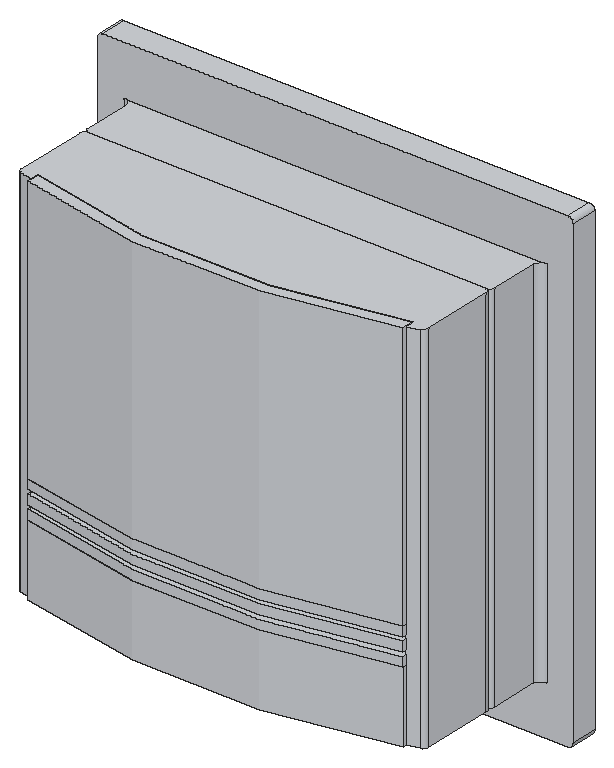
Revit family "室内用湿度ｾﾝｻｰver.2021(ロゴなし)", category 電気設備, Revit 2021
Family settings
  パネル構成 = 二列表示、回路横
  丸型コネクタ寸法 = 直径を使用
  パーツ タイプ = 分電盤
  OmniClass 番号 = 23.80.30.11.17
  OmniClass タイトル = Distribution Boards and Control Panels
  作業面ベース = いいえ
  常に垂直 = はい
  ロード時にボイドで切り取り = いいえ
  共有 = いいえ
  部屋計算ポイント = いいえ
Parameters
  電線管φ [instance] = 1 mm
  Default Elevation = 0 mm
  built-in parameter 1155100 [instance] = -1
  built-in parameter 1140142 [instance] = -1
  built-in parameter 1140140 [instance] = 1 (stored number, unit not read)
Reference planes
  plane 1 "中心(正面/背面)": y = 0
  plane 2: z = 0
  plane 3 "中心(左/右)": x = 0
Forms (mm)
  Extrusion 1, solid
    sketch origin (0, 0, 0) x (1, 0, 0) y (0, 0, 1)
      loop
        arc (-45, -44) -> (-44.707, -44.707) -> (-44, -45) r 1
        line (-44, -45) -> (44, -45)
        arc (44, -45) -> (44.707, -44.707) -> (45, -44) r 1
        line (45, -44) -> (45, 44)
        arc (45, 44) -> (44.707, 44.707) -> (44, 45) r 1
        line (44, 45) -> (-44, 45)
        arc (-44, 45) -> (-44.707, 44.707) -> (-45, 44) r 1
        line (-45, 44) -> (-45, -44)
    from -27.5 to -22.5
  Extrusion 2, solid
    sketch origin (0, 0, 0) x (1, 0, 0) y (0, 1, 0)
      loop
        arc (-40, 22.5) -> (-38.939, 22.061) -> (-38.5, 21) r 1.5
        line (-38.5, 21) -> (-38.5, 12)
        arc (-38.5, 12) -> (-38.207, 11.293) -> (-37.5, 11) r 1
        line (-37.5, 11) -> (37.5, 11)
        arc (37.5, 11) -> (38.207, 11.293) -> (38.5, 12) r 1
        line (38.5, 12) -> (38.5, 21)
        arc (38.5, 21) -> (38.939, 22.061) -> (40, 22.5) r 1.5
        line (40, 22.5) -> (-40, 22.5)
    from -35.5 to 35.41
  Extrusion 3, solid
    sketch origin (0, 0, 0) x (1, 0, 0) y (0, 1, 0)
      loop
        arc (-37.5, 11) -> (-38.207, 10.707) -> (-38.5, 10) r 1
        line (-38.5, 10) -> (-38.5, -3.669)
        arc (-38.5, -3.669) -> (-38.307, -4.259) -> (-37.804, -4.622) r 1
        arc (-37.804, -4.622) -> (-36.654, -4.982) -> (-35.5, -5.331) r 124.5
        line (-35.5, -5.331) -> (-35.5, -3.557)
        arc (-35.5, -3.557) -> (0, -8.8) -> (35.5, -3.557) r 122.8
        line (35.5, -3.557) -> (35.5, -5.331)
        arc (35.5, -5.331) -> (36.654, -4.982) -> (37.804, -4.622) r 124.5
        arc (37.804, -4.622) -> (38.307, -4.259) -> (38.5, -3.669) r 1
        line (38.5, -3.669) -> (38.5, 10)
        arc (38.5, 10) -> (38.207, 10.707) -> (37.5, 11) r 1
        line (37.5, 11) -> (-37.5, 11)
    from -35.5 to 35.5
  Extrusion 4, solid
    sketch origin (0, 0, 0) x (1, 0, 0) y (0, 1, 0)
      loop
        arc (-35.5, -5.853) -> (0, -11) -> (35.5, -5.853) r 125
        line (35.5, -5.853) -> (35.5, -3.557)
        arc (35.5, -3.557) -> (0, -8.8) -> (-35.5, -3.557) r 122.8
        line (-35.5, -3.557) -> (-35.5, -5.853)
    from -35.5 to -22
  Extrusion 5, solid
    sketch origin (0, -0.043, 0) x (1, 0, 0) y (0, 1, 0)
      loop
        arc (-35.5, -5.853) -> (0, -11) -> (35.5, -5.853) r 125
        line (35.5, -5.853) -> (35.5, -3.557)
        arc (35.5, -3.557) -> (0, -8.8) -> (-35.5, -3.557) r 122.8
        line (-35.5, -3.557) -> (-35.5, -5.853)
    from -15 to 35.5
  Extrusion 6, solid
    sketch origin (0, -0.043, -4.4) x (1, 0, 0) y (0, 1, 0)
      loop
        arc (-35.5, -5.853) -> (0, -11) -> (35.5, -5.853) r 125
        line (35.5, -5.853) -> (35.5, -3.557)
        arc (35.5, -3.557) -> (0, -8.8) -> (-35.5, -3.557) r 122.8
        line (-35.5, -3.557) -> (-35.5, -5.853)
    from -15 to -13.2
  Extrusion 7, solid
    sketch origin (0, -0.043, -1.8) x (1, 0, 0) y (0, 1, 0)
      loop
        arc (-35.5, -5.853) -> (0, -11) -> (35.5, -5.853) r 125
        line (35.5, -5.853) -> (35.5, -3.557)
        arc (35.5, -3.557) -> (0, -8.8) -> (-35.5, -3.557) r 122.8
        line (-35.5, -3.557) -> (-35.5, -5.853)
    from -15 to -13.2
  Extrusion 8, solid
    sketch origin (0, -0.043, -7) x (1, 0, 0) y (0, 1, 0)
      loop
        arc (-35.5, -5.853) -> (0, -11) -> (35.5, -5.853) r 125
        line (35.5, -5.853) -> (35.5, -3.557)
        arc (35.5, -3.557) -> (0, -8.8) -> (-35.5, -3.557) r 122.8
        line (-35.5, -3.557) -> (-35.5, -5.853)
    from -15 to -13.2
  Extrusion 9, solid
    sketch origin (0, 0, 0) x (1, 0, 0) y (0, 0, 1)
      loop
        circle (0, 0) r 0.5
    from -27.5 to -11
Dimensions and locks
  "電線管φ": diameter of Extrusion 9 sketch curve
  aligned and locked: level to plane 2
Automatic sketch dimensions
  Extrusion 1 sketch curve to plane 3 "中心(左/右)" = 45 mm
  Extrusion 1 sketch curve to Extrusion 1 sketch curve = 1 mm  (x3)
  plane 3 "中心(左/右)" to Extrusion 1 sketch curve = 44 mm  (x2)
  Extrusion 1 sketch curve to level = 45 mm
  level to Extrusion 1 sketch curve = 44 mm
  Extrusion 2 sketch curve to plane 3 "中心(左/右)" = 40 mm
  Extrusion 2 sketch curve to Extrusion 2 sketch curve = 1.5 mm  (x2)
  Extrusion 2 sketch curve to Extrusion 2 sketch curve = 1 mm  (x2)
  Extrusion 2 sketch curve to plane 1 "中心(正面/背面)" = 11 mm
  plane 3 "中心(左/右)" to Extrusion 2 sketch curve = 37.5 mm
  Extrusion 2 sketch curve to Extrusion 2 sketch curve = 9 mm  (x2)
  Extrusion 2 sketch curve to Extrusion 2 sketch curve = 0 mm  (x3)
  Extrusion 3 sketch curve to Extrusion 3 sketch curve = 0 mm  (x6)
  Extrusion 3 sketch curve to plane 3 "中心(左/右)" = 0 mm
  plane 1 "中心(正面/背面)" to Extrusion 3 sketch curve = 5.331 mm  (x2)
  Extrusion 3 sketch curve to plane 3 "中心(左/右)" = 35.5 mm
  Extrusion 3 sketch curve to Extrusion 3 sketch curve = 2 mm  (x4)
  Extrusion 3 sketch curve to Extrusion 3 sketch curve = 1 mm  (x2)
  plane 3 "中心(左/右)" to Extrusion 3 sketch curve = 35.5 mm
  Extrusion 3 sketch curve to Extrusion 3 sketch curve = 1.662 mm  (x2)
  Extrusion 3 sketch curve to Extrusion 3 sketch curve = 1.775 mm
  Extrusion 3 sketch curve to plane 1 "中心(正面/背面)" = 10 mm
  Extrusion 3 sketch curve to Extrusion 3 sketch curve = 103 mm
  Extrusion 4 sketch curve to Extrusion 4 sketch curve = 0 mm  (x2)
  Extrusion 4 sketch curve to plane 3 "中心(左/右)" = 0 mm
  plane 1 "中心(正面/背面)" to Extrusion 4 sketch curve = 5.853 mm  (x2)
  Extrusion 4 sketch curve to plane 3 "中心(左/右)" = 35.5 mm
  Extrusion 4 sketch curve to Extrusion 4 sketch curve = 2.296 mm
  Extrusion 4 sketch curve to plane 1 "中心(正面/背面)" = 114 mm
  Extrusion 5 sketch curve to Extrusion 5 sketch curve = 0 mm  (x2)
  Extrusion 5 sketch curve to plane 3 "中心(左/右)" = 0 mm
  plane 1 "中心(正面/背面)" to Extrusion 5 sketch curve = 5.896 mm  (x2)
  Extrusion 5 sketch curve to plane 3 "中心(左/右)" = 35.5 mm
  Extrusion 5 sketch curve to Extrusion 5 sketch curve = 2.296 mm
  Extrusion 5 sketch curve to plane 1 "中心(正面/背面)" = 113.957 mm
  Extrusion 6 sketch curve to Extrusion 6 sketch curve = 0 mm  (x2)
  Extrusion 6 sketch curve to plane 3 "中心(左/右)" = 0 mm
  plane 1 "中心(正面/背面)" to Extrusion 6 sketch curve = 5.896 mm  (x2)
  Extrusion 6 sketch curve to plane 3 "中心(左/右)" = 35.5 mm
  Extrusion 6 sketch curve to Extrusion 6 sketch curve = 2.296 mm
  Extrusion 6 sketch curve to plane 1 "中心(正面/背面)" = 113.957 mm
  Extrusion 7 sketch curve to Extrusion 7 sketch curve = 0 mm  (x2)
  Extrusion 7 sketch curve to plane 3 "中心(左/右)" = 0 mm
  plane 1 "中心(正面/背面)" to Extrusion 7 sketch curve = 5.896 mm  (x2)
  Extrusion 7 sketch curve to plane 3 "中心(左/右)" = 35.5 mm
  Extrusion 7 sketch curve to Extrusion 7 sketch curve = 2.296 mm
  Extrusion 7 sketch curve to plane 1 "中心(正面/背面)" = 113.957 mm
  Extrusion 8 sketch curve to Extrusion 8 sketch curve = 0 mm  (x2)
  Extrusion 8 sketch curve to plane 3 "中心(左/右)" = 0 mm
  plane 1 "中心(正面/背面)" to Extrusion 8 sketch curve = 5.896 mm  (x2)
  Extrusion 8 sketch curve to plane 3 "中心(左/右)" = 35.5 mm
  Extrusion 8 sketch curve to Extrusion 8 sketch curve = 2.296 mm
  Extrusion 8 sketch curve to plane 1 "中心(正面/背面)" = 113.957 mm
  Extrusion 9 sketch curve to level = 0 mm
  Extrusion 9 sketch curve to plane 3 "中心(左/右)" = 0 mm
Connectors
  electrical at (0, 22.5, -0.045)
    settings: on Extrusion 2, index 1, voltage 0 V, apparent load 0 VA, apparent load phase1 0 VA, apparent load phase2 0 VA, apparent load phase3 0 VA, power factor 1, load classification "その他", number of poles 1, system type 31, power factor state 1, is connector primary yes, connector utility no, sub classification motor no, connector description ""
  cabletrayconduit at (0, 27.5, 0), diameter 1, driven by "電線管φ"
    settings: on Extrusion 9, index 2, connector width 300 mm, connector height 300 mm, connector angle 0.00°, system type 32, placement type 0, profile type 0, connector reference index -1, is primary connector yes, connector utility param no, connector description ""
